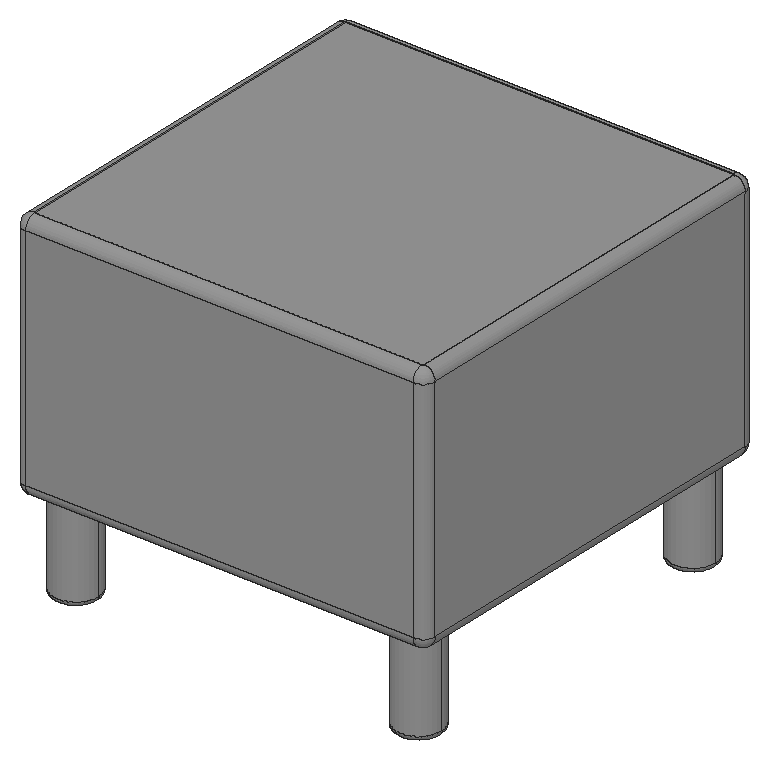
Revit family "990L Square Stool", category Generic Models, Revit 2018
Family settings
  Can host rebar = No
  Round Connector Dimension = Use Diameter
  Part Type = Normal
  Work Plane-Based = No
  Always vertical = Yes
  Cut with Voids When Loaded = No
  Shared = No
  Room Calculation Point = No
Parameters
  Fabric = 990L Fabric
Reference planes (in)
  plane 1 "Center (Front/Back)": y = 0
  plane 2: z = 0
  plane 3 "Center (Left/Right)": x = 0
Forms (in)
  Extrusion 1, solid, material "990L Fabric" <- "Fabric"
    sketch origin (0, 0, 0) x (1, 0, 0) y (0, 1, 0)
      loop
        arc (-8.48027, 8.5) -> (-8.49422, 8.49422) -> (-8.5, 8.48027) r 0.01973
        line (-8.5, 8.48027) -> (-8.5, -8.48027)
        arc (-8.5, -8.48027) -> (-8.49422, -8.49422) -> (-8.48027, -8.5) r 0.01973
        line (-8.48027, -8.5) -> (8.48027, -8.5)
        arc (8.48027, -8.5) -> (8.49422, -8.49422) -> (8.5, -8.48027) r 0.01973
        line (8.5, -8.48027) -> (8.5, 8.48027)
        arc (8.5, 8.48027) -> (8.49422, 8.49422) -> (8.48027, 8.5) r 0.01973
        line (8.48027, 8.5) -> (-8.48027, 8.5)
    from 4 to 15
  Sweep 2, solid, material "990L Fabric" <- "Fabric"
    path origin (0, 0, 0) x (1, 0, 0) y (0, 1, 0)
      loop
        line (-8.48027, -8.5) -> (8.48027, -8.5)
        arc (8.48027, -8.5) -> (8.49422, -8.49422) -> (8.5, -8.48027) r 0.01973
        line (8.5, -8.48027) -> (8.5, 8.48027)
        arc (8.5, 8.48027) -> (8.49422, 8.49422) -> (8.48027, 8.5) r 0.01973
        line (8.48027, 8.5) -> (-8.48027, 8.5)
        arc (-8.48027, 8.5) -> (-8.49422, 8.49422) -> (-8.5, 8.48027) r 0.01973
        line (-8.5, 8.48027) -> (-8.5, -8.48027)
        arc (-8.5, -8.48027) -> (-8.49422, -8.49422) -> (-8.48027, -8.5) r 0.01973
    profile origin (0, -8.5, 0) x (0, 1, 0) y (0, 0, 1)
      loop
        line (0, 4) -> (0, 15)
        arc (0, 15) -> (-0.35355, 14.85355) -> (-0.5, 14.5) r 0.5
        line (-0.5, 14.5) -> (-0.5, 4.5)
        arc (-0.5, 4.5) -> (-0.35355, 4.14645) -> (0, 4) r 0.5
  Revolve 3, solid, material "990L Legs"
    sketch origin (0, -7.5, 0) x (1, 0, 0) y (0, 0, 1)
      loop
        line (-7.5, 4) -> (-7.5, 0) -> (-6.7, 0)
        arc (-6.7, 0) -> (-6.55858, 0.05858) -> (-6.5, 0.2) r 0.2
        line (-6.5, 0.2) -> (-6.5, 4) -> (-7.5, 4)
      axis (-7.5, 4) -> (-7.5, 0)
    angle from 0 to 360
  Revolve 4, solid, material "990L Legs"
    sketch origin (0, 7.5, 0) x (1, 0, 0) y (0, 0, -1)
      loop
        line (-7.5, -4) -> (-6.5, -4) -> (-6.5, -0.2)
        arc (-6.5, -0.2) -> (-6.55858, -0.05858) -> (-6.7, 0) r 0.2
        line (-6.7, 0) -> (-7.5, 0) -> (-7.5, -4)
      axis (-7.5, -4) -> (-7.5, 0)
    angle from 0 to 360
  Revolve 5, solid, material "990L Legs"
    sketch origin (0, 7.5, 0) x (-1, 0, 0) y (0, 0, 1)
      loop
        line (-7.5, 4) -> (-7.5, 0) -> (-6.7, 0)
        arc (-6.7, 0) -> (-6.55858, 0.05858) -> (-6.5, 0.2) r 0.2
        line (-6.5, 0.2) -> (-6.5, 4) -> (-7.5, 4)
      axis (-7.5, 4) -> (-7.5, 0)
    angle from 0 to 360
  Revolve 6, solid, material "990L Legs"
    sketch origin (0, -7.5, 0) x (-1, 0, 0) y (0, 0, -1)
      loop
        line (-7.5, -4) -> (-6.5, -4) -> (-6.5, -0.2)
        arc (-6.5, -0.2) -> (-6.55858, -0.05858) -> (-6.7, 0) r 0.2
        line (-6.7, 0) -> (-7.5, 0) -> (-7.5, -4)
      axis (-7.5, -4) -> (-7.5, 0)
    angle from 0 to 360
Dimensions and locks (in)
  aligned and locked: plane 2 to level
